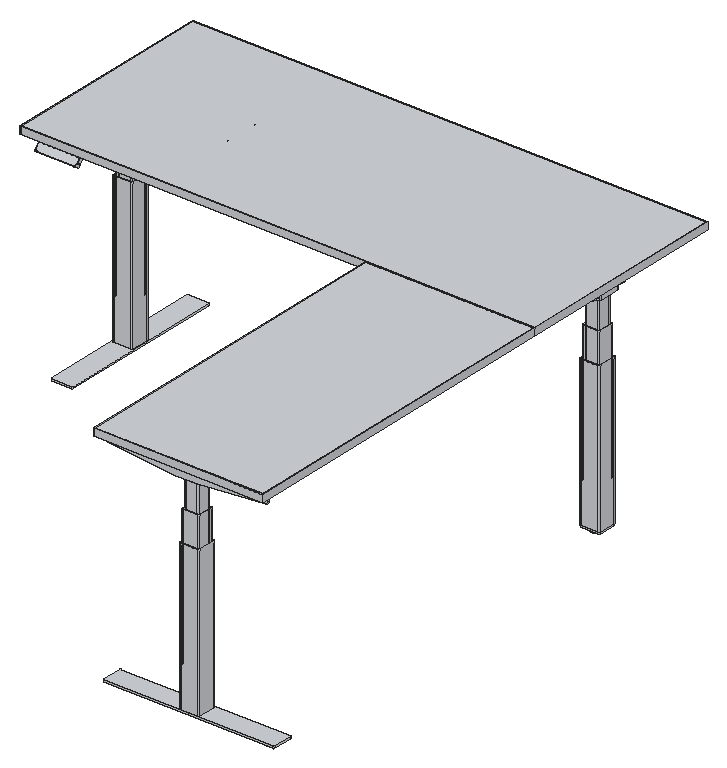
Revit family "72inLoft+Return_RFA", category Furniture, Revit 2015
Parameters (values of type "72.5" x 77.25" X 33"")
  Width = 1962.2 mm
  URL = "http://www.poppin.com"
  Manufacturer = "Poppin, Inc."
  Handset = none
  Length = 1816.1 mm
  Height = 838.2 mm
  Metal Hardware = none
  Glides = none
  Edge Banding = none
  Description = "Loft Adjustable Height 72in Desk + Return"
  Table Top = none
  Copyright = "Copyright © Poppin, Inc."
Reference planes
  plane 1 "Center (Front/Back)": y = 0
  plane 2: z = 0
  plane 3 "Center (Left/Right)": x = 0
Forms (mm)
  Extrusion 1, solid, material <- "Glides"
    sketch origin (0, 0, 0) x (1, 0, 0) y (0, 1, 0)
      loop
        circle (-1419.208, 284.622) r 24.5
      loop
        circle (-1419.208, -245.047) r 24.5
      loop
        circle (-249.989, -1477.806) r 24.5
      loop
        circle (279.68, -1477.806) r 24.5
      loop
        circle (229.776, 19.704) r 24.5
    from 0 to 10
  Extrusion 2, solid, material <- "Metal Hardware"
    sketch origin (0, 0, 0) x (1, 0, 0) y (0, 1, 0)
      loop
        arc (-1454.279, 321.191) -> (-1456.381, 320.32) -> (-1457.252, 318.218) r 2.973
        line (-1457.252, 318.218) -> (-1457.252, -279.16)
        arc (-1457.252, -279.16) -> (-1456.402, -281.21) -> (-1454.352, -282.059) r 2.9
        line (-1454.352, -282.059) -> (-1384.022, -282.059)
        arc (-1384.022, -282.059) -> (-1381.922, -281.19) -> (-1381.052, -279.089) r 2.97
        line (-1381.052, -279.089) -> (-1381.052, 318.268)
        arc (-1381.052, 318.268) -> (-1381.908, 320.334) -> (-1383.975, 321.191) r 2.923
        line (-1383.975, 321.191) -> (-1454.279, 321.191)
      loop
        arc (316.5, -1442.687) -> (315.629, -1440.585) -> (313.527, -1439.714) r 2.973
        line (313.527, -1439.714) -> (-283.851, -1439.714)
        arc (-283.851, -1439.714) -> (-285.901, -1440.563) -> (-286.75, -1442.614) r 2.9
        line (-286.75, -1442.614) -> (-286.75, -1512.944)
        arc (-286.75, -1512.944) -> (-285.88, -1515.044) -> (-283.78, -1515.914) r 2.97
        line (-283.78, -1515.914) -> (313.577, -1515.914)
        arc (313.577, -1515.914) -> (315.644, -1515.058) -> (316.5, -1512.991) r 2.923
        line (316.5, -1512.991) -> (316.5, -1442.687)
      loop
        line (259.498, 53.991) -> (199.998, 53.991)
        arc (199.998, 53.991) -> (196.746, 52.643) -> (195.398, 49.391) r 4.6
        line (195.398, 49.391) -> (195.398, -10.109)
        arc (195.398, -10.109) -> (196.746, -13.362) -> (199.998, -14.709) r 4.6
        line (199.998, -14.709) -> (259.498, -14.709)
        arc (259.498, -14.709) -> (262.751, -13.362) -> (264.098, -10.109) r 4.6
        line (264.098, -10.109) -> (264.098, 49.391)
        arc (264.098, 49.391) -> (262.751, 52.643) -> (259.498, 53.991) r 4.6
    from 9 to 15
  Extrusion 3, solid, material <- "Metal Hardware"
    sketch origin (0, 0, 0) x (1, 0, 0) y (0, 1, 0)
      loop
        line (-1388.777, 54.616) -> (-1449.683, 54.616)
        arc (-1449.683, 54.616) -> (-1452.936, 53.268) -> (-1454.283, 50.016) r 4.6
        line (-1454.283, 50.016) -> (-1454.283, -10.734)
        arc (-1454.283, -10.734) -> (-1452.936, -13.987) -> (-1449.683, -15.334) r 4.6
        line (-1449.683, -15.334) -> (-1388.777, -15.334)
        arc (-1388.777, -15.334) -> (-1385.524, -13.987) -> (-1384.177, -10.734) r 4.6
        line (-1384.177, -10.734) -> (-1384.177, 50.016)
        arc (-1384.177, 50.016) -> (-1385.524, 53.268) -> (-1388.777, 54.616) r 4.6
      loop
        line (-1388.777, 52.616) -> (-1449.683, 52.616)
        arc (-1449.683, 52.616) -> (-1451.521, 51.854) -> (-1452.283, 50.016) r 2.6
        line (-1452.283, 50.016) -> (-1452.283, -10.734)
        arc (-1452.283, -10.734) -> (-1451.521, -12.573) -> (-1449.683, -13.334) r 2.6
        line (-1449.683, -13.334) -> (-1388.777, -13.334)
        arc (-1388.777, -13.334) -> (-1386.938, -12.573) -> (-1386.177, -10.734) r 2.6
        line (-1386.177, -10.734) -> (-1386.177, 50.016)
        arc (-1386.177, 50.016) -> (-1386.938, 51.854) -> (-1388.777, 52.616) r 2.6
      loop
        line (260.201, 54.537) -> (199.295, 54.537)
        arc (199.295, 54.537) -> (196.042, 53.19) -> (194.695, 49.937) r 4.6
        line (194.695, 49.937) -> (194.695, -10.813)
        arc (194.695, -10.813) -> (196.042, -14.065) -> (199.295, -15.413) r 4.6
        line (199.295, -15.413) -> (260.201, -15.413)
        arc (260.201, -15.413) -> (263.454, -14.065) -> (264.801, -10.813) r 4.6
        line (264.801, -10.813) -> (264.801, 49.937)
        arc (264.801, 49.937) -> (263.454, 53.19) -> (260.201, 54.537) r 4.6
      loop
        line (260.201, 52.537) -> (199.295, 52.537)
        arc (199.295, 52.537) -> (197.457, 51.776) -> (196.695, 49.937) r 2.6
        line (196.695, 49.937) -> (196.695, -10.813)
        arc (196.695, -10.813) -> (197.457, -12.651) -> (199.295, -13.413) r 2.6
        line (199.295, -13.413) -> (260.201, -13.413)
        arc (260.201, -13.413) -> (262.04, -12.651) -> (262.801, -10.813) r 2.6
        line (262.801, -10.813) -> (262.801, 49.937)
        arc (262.801, 49.937) -> (262.04, 51.776) -> (260.201, 52.537) r 2.6
      loop
        line (45.356, -1442.939) -> (-15.55, -1442.939)
        arc (-15.55, -1442.939) -> (-18.803, -1444.286) -> (-20.15, -1447.539) r 4.6
        line (-20.15, -1447.539) -> (-20.15, -1508.289)
        arc (-20.15, -1508.289) -> (-18.803, -1511.542) -> (-15.55, -1512.889) r 4.6
        line (-15.55, -1512.889) -> (45.356, -1512.889)
        arc (45.356, -1512.889) -> (48.609, -1511.542) -> (49.956, -1508.289) r 4.6
        line (49.956, -1508.289) -> (49.956, -1447.539)
        arc (49.956, -1447.539) -> (48.609, -1444.286) -> (45.356, -1442.939) r 4.6
      loop
        line (45.356, -1444.939) -> (-15.55, -1444.939)
        arc (-15.55, -1444.939) -> (-17.389, -1445.701) -> (-18.15, -1447.539) r 2.6
        line (-18.15, -1447.539) -> (-18.15, -1508.289)
        arc (-18.15, -1508.289) -> (-17.389, -1510.128) -> (-15.55, -1510.889) r 2.6
        line (-15.55, -1510.889) -> (45.356, -1510.889)
        arc (45.356, -1510.889) -> (47.195, -1510.128) -> (47.956, -1508.289) r 2.6
        line (47.956, -1508.289) -> (47.956, -1447.539)
        arc (47.956, -1447.539) -> (47.195, -1445.701) -> (45.356, -1444.939) r 2.6
    from 15 to 542
  Extrusion 4, solid, material <- "Metal Hardware"
    sketch origin (0, 0, 0) x (1, 0, 0) y (0, 1, 0)
      loop
        arc (-1446.152, 47.641) -> (-1446.859, 47.348) -> (-1447.152, 46.641) r 1
        line (-1447.152, 46.641) -> (-1447.152, -7.359)
        arc (-1447.152, -7.359) -> (-1446.859, -8.067) -> (-1446.152, -8.359) r 1
        line (-1446.152, -8.359) -> (-1392.152, -8.359)
        arc (-1392.152, -8.359) -> (-1391.445, -8.067) -> (-1391.152, -7.359) r 1
        line (-1391.152, -7.359) -> (-1391.152, 46.641)
        arc (-1391.152, 46.641) -> (-1391.445, 47.348) -> (-1392.152, 47.641) r 1
        line (-1392.152, 47.641) -> (-1446.152, 47.641)
      loop
        arc (-1446.152, 49.641) -> (-1448.273, 48.762) -> (-1449.152, 46.641) r 3
        line (-1449.152, 46.641) -> (-1449.152, -7.359)
        arc (-1449.152, -7.359) -> (-1448.273, -9.481) -> (-1446.152, -10.359) r 3
        line (-1446.152, -10.359) -> (-1392.152, -10.359)
        arc (-1392.152, -10.359) -> (-1390.03, -9.481) -> (-1389.152, -7.359) r 3
        line (-1389.152, -7.359) -> (-1389.152, 46.641)
        arc (-1389.152, 46.641) -> (-1390.03, 48.762) -> (-1392.152, 49.641) r 3
        line (-1392.152, 49.641) -> (-1446.152, 49.641)
      loop
        arc (202.826, 47.562) -> (202.119, 47.27) -> (201.826, 46.562) r 1
        line (201.826, 46.562) -> (201.826, -7.438)
        arc (201.826, -7.438) -> (202.119, -8.145) -> (202.826, -8.438) r 1
        line (202.826, -8.438) -> (256.826, -8.438)
        arc (256.826, -8.438) -> (257.534, -8.145) -> (257.826, -7.438) r 1
        line (257.826, -7.438) -> (257.826, 46.562)
        arc (257.826, 46.562) -> (257.534, 47.27) -> (256.826, 47.562) r 1
        line (256.826, 47.562) -> (202.826, 47.562)
      loop
        arc (202.826, 49.562) -> (200.705, 48.684) -> (199.826, 46.562) r 3
        line (199.826, 46.562) -> (199.826, -7.438)
        arc (199.826, -7.438) -> (200.705, -9.559) -> (202.826, -10.438) r 3
        line (202.826, -10.438) -> (256.826, -10.438)
        arc (256.826, -10.438) -> (258.948, -9.559) -> (259.826, -7.438) r 3
        line (259.826, -7.438) -> (259.826, 46.562)
        arc (259.826, 46.562) -> (258.948, 48.684) -> (256.826, 49.562) r 3
        line (256.826, 49.562) -> (202.826, 49.562)
      loop
        arc (-12.019, -1449.914) -> (-12.726, -1450.207) -> (-13.019, -1450.914) r 1
        line (-13.019, -1450.914) -> (-13.019, -1504.914)
        arc (-13.019, -1504.914) -> (-12.726, -1505.621) -> (-12.019, -1505.914) r 1
        line (-12.019, -1505.914) -> (41.981, -1505.914)
        arc (41.981, -1505.914) -> (42.688, -1505.621) -> (42.981, -1504.914) r 1
        line (42.981, -1504.914) -> (42.981, -1450.914)
        arc (42.981, -1450.914) -> (42.688, -1450.207) -> (41.981, -1449.914) r 1
        line (41.981, -1449.914) -> (-12.019, -1449.914)
      loop
        arc (-12.019, -1447.914) -> (-14.14, -1448.793) -> (-15.019, -1450.914) r 3
        line (-15.019, -1450.914) -> (-15.019, -1504.914)
        arc (-15.019, -1504.914) -> (-14.14, -1507.035) -> (-12.019, -1507.914) r 3
        line (-12.019, -1507.914) -> (41.981, -1507.914)
        arc (41.981, -1507.914) -> (44.102, -1507.035) -> (44.981, -1504.914) r 3
        line (44.981, -1504.914) -> (44.981, -1450.914)
        arc (44.981, -1450.914) -> (44.102, -1448.793) -> (41.981, -1447.914) r 3
        line (41.981, -1447.914) -> (-12.019, -1447.914)
    from 157.55 to 647.55
  Extrusion 5, solid, material <- "Metal Hardware"
    sketch origin (0, 0, 0) x (1, 0, 0) y (0, 1, 0)
      loop
        line (-1399.152, 44.641) -> (-1439.152, 44.641)
        arc (-1439.152, 44.641) -> (-1442.687, 43.176) -> (-1444.152, 39.641) r 5
        line (-1444.152, 39.641) -> (-1444.152, -0.359)
        arc (-1444.152, -0.359) -> (-1442.687, -3.895) -> (-1439.152, -5.359) r 5
        line (-1439.152, -5.359) -> (-1399.152, -5.359)
        arc (-1399.152, -5.359) -> (-1395.616, -3.895) -> (-1394.152, -0.359) r 5
        line (-1394.152, -0.359) -> (-1394.152, 39.641)
        arc (-1394.152, 39.641) -> (-1395.616, 43.176) -> (-1399.152, 44.641) r 5
      loop
        line (-1399.152, 42.641) -> (-1439.152, 42.641)
        arc (-1439.152, 42.641) -> (-1441.273, 41.762) -> (-1442.152, 39.641) r 3
        line (-1442.152, 39.641) -> (-1442.152, -0.359)
        arc (-1442.152, -0.359) -> (-1441.273, -2.481) -> (-1439.152, -3.359) r 3
        line (-1439.152, -3.359) -> (-1399.152, -3.359)
        arc (-1399.152, -3.359) -> (-1397.03, -2.481) -> (-1396.152, -0.359) r 3
        line (-1396.152, -0.359) -> (-1396.152, 39.641)
        arc (-1396.152, 39.641) -> (-1397.03, 41.762) -> (-1399.152, 42.641) r 3
      loop
        line (249.826, 44.562) -> (209.826, 44.562)
        arc (209.826, 44.562) -> (206.291, 43.098) -> (204.826, 39.562) r 5
        line (204.826, 39.562) -> (204.826, -0.438)
        arc (204.826, -0.438) -> (206.291, -3.973) -> (209.826, -5.438) r 5
        line (209.826, -5.438) -> (249.826, -5.438)
        arc (249.826, -5.438) -> (253.362, -3.973) -> (254.826, -0.438) r 5
        line (254.826, -0.438) -> (254.826, 39.562)
        arc (254.826, 39.562) -> (253.362, 43.098) -> (249.826, 44.562) r 5
      loop
        line (249.826, 42.562) -> (209.826, 42.562)
        arc (209.826, 42.562) -> (207.705, 41.684) -> (206.826, 39.562) r 3
        line (206.826, 39.562) -> (206.826, -0.438)
        arc (206.826, -0.438) -> (207.705, -2.559) -> (209.826, -3.438) r 3
        line (209.826, -3.438) -> (249.826, -3.438)
        arc (249.826, -3.438) -> (251.948, -2.559) -> (252.826, -0.438) r 3
        line (252.826, -0.438) -> (252.826, 39.562)
        arc (252.826, 39.562) -> (251.948, 41.684) -> (249.826, 42.562) r 3
      loop
        line (34.981, -1452.914) -> (-5.019, -1452.914)
        arc (-5.019, -1452.914) -> (-8.554, -1454.379) -> (-10.019, -1457.914) r 5
        line (-10.019, -1457.914) -> (-10.019, -1497.914)
        arc (-10.019, -1497.914) -> (-8.554, -1501.45) -> (-5.019, -1502.914) r 5
        line (-5.019, -1502.914) -> (34.981, -1502.914)
        arc (34.981, -1502.914) -> (38.517, -1501.45) -> (39.981, -1497.914) r 5
        line (39.981, -1497.914) -> (39.981, -1457.914)
        arc (39.981, -1457.914) -> (38.517, -1454.379) -> (34.981, -1452.914) r 5
      loop
        line (34.981, -1454.914) -> (-5.019, -1454.914)
        arc (-5.019, -1454.914) -> (-7.14, -1455.793) -> (-8.019, -1457.914) r 3
        line (-8.019, -1457.914) -> (-8.019, -1497.914)
        arc (-8.019, -1497.914) -> (-7.14, -1500.035) -> (-5.019, -1500.914) r 3
        line (-5.019, -1500.914) -> (34.981, -1500.914)
        arc (34.981, -1500.914) -> (37.102, -1500.035) -> (37.981, -1497.914) r 3
        line (37.981, -1497.914) -> (37.981, -1457.914)
        arc (37.981, -1457.914) -> (37.102, -1455.793) -> (34.981, -1454.914) r 3
    from 279.45 to 754.95
  Extrusion 6, solid, material <- "Table Top"
    sketch origin (0, 0, 0) x (1, 0, 0) y (0, 1, 0)
      loop
        line (312.348, -362.364) -> (-282.552, -362.364) -> (-282.552, -1560.514) -> (312.348, -1560.514) -> (312.348, -362.364)
      loop
        line (312.348, 399.636) -> (-1501.752, 399.636) -> (-1501.752, -360.364) -> (312.348, -360.364) -> (312.348, 399.636)
    from 805.95 to 831.35
  Sweep 7, solid, material <- "Edge Banding"
    path in 3D
      loop
        line (-282.552, -1560.514, 831.35) -> (312.348, -1560.514, 831.35) -> (312.348, -362.364, 831.35) -> (-282.552, -362.364, 831.35) -> (-282.552, -1560.514, 831.35)
    profile origin (-282.552, -961.439, 831.35) x (1, 0, 0) y (0, 0, 1)
      loop
        line (0, 0) -> (-1, 0) -> (-1, -25.4) -> (0, -25.4) -> (0, 0)
  Sweep 8, solid, material <- "Edge Banding"
    path in 3D
      loop
        line (312.348, -360.364, 831.35) -> (312.348, 399.636, 831.35) -> (-1501.752, 399.636, 831.35) -> (-1501.752, -360.364, 831.35) -> (312.348, -360.364, 831.35)
    profile origin (-594.702, -360.364, 831.35) x (0, 1, 0) y (0, 0, 1)
      loop
        line (0, 0) -> (-1, 0) -> (-1, -25.4) -> (0, -25.4) -> (0, 0)
  Extrusion 9, solid, material <- "Metal Hardware"
    sketch origin (0, 0, 0) x (1, 0, 0) y (0, 1, 0)
      loop
        line (-1272.152, 21.529) -> (-1272.152, 55.569)
        arc (-1272.152, 55.569) -> (-1272.532, 57.483) -> (-1273.616, 59.105) r 5
        line (-1273.616, 59.105) -> (-1280.687, 66.176)
        arc (-1280.687, 66.176) -> (-1282.309, 67.26) -> (-1284.223, 67.641) r 5
        line (-1284.223, 67.641) -> (-1450.081, 67.641)
        arc (-1450.081, 67.641) -> (-1451.994, 67.26) -> (-1453.616, 66.176) r 5
        line (-1453.616, 66.176) -> (-1460.687, 59.105)
        arc (-1460.687, 59.105) -> (-1461.771, 57.483) -> (-1462.152, 55.569) r 5
        line (-1462.152, 55.569) -> (-1462.152, -16.288)
        arc (-1462.152, -16.288) -> (-1461.771, -18.202) -> (-1460.687, -19.824) r 5
        line (-1460.687, -19.824) -> (-1453.616, -26.895)
        arc (-1453.616, -26.895) -> (-1451.994, -27.979) -> (-1450.081, -28.359) r 5
        line (-1450.081, -28.359) -> (-1284.223, -28.359)
        arc (-1284.223, -28.359) -> (-1282.309, -27.979) -> (-1280.687, -26.895) r 5
        line (-1280.687, -26.895) -> (-1273.616, -19.824)
        arc (-1273.616, -19.824) -> (-1272.532, -18.202) -> (-1272.152, -16.288) r 5
        line (-1272.152, -16.288) -> (-1272.152, 21.529)
      loop
        line (91.284, 66.176) -> (84.213, 59.105)
        arc (84.213, 59.105) -> (83.129, 57.483) -> (82.748, 55.569) r 5
        line (82.748, 55.569) -> (82.748, 19.641) -> (82.748, -16.288)
        arc (82.748, -16.288) -> (83.129, -18.202) -> (84.213, -19.824) r 5
        line (84.213, -19.824) -> (91.284, -26.895)
        arc (91.284, -26.895) -> (92.906, -27.979) -> (94.819, -28.359) r 5
        line (94.819, -28.359) -> (260.677, -28.359)
        arc (260.677, -28.359) -> (262.591, -27.979) -> (264.213, -26.895) r 5
        line (264.213, -26.895) -> (271.284, -19.824)
        arc (271.284, -19.824) -> (272.368, -18.202) -> (272.748, -16.288) r 5
        line (272.748, -16.288) -> (272.748, 55.569)
        arc (272.748, 55.569) -> (272.368, 57.483) -> (271.284, 59.105) r 5
        line (271.284, 59.105) -> (264.213, 66.176)
        arc (264.213, 66.176) -> (262.591, 67.26) -> (260.677, 67.641) r 5
        line (260.677, 67.641) -> (94.819, 67.641)
        arc (94.819, 67.641) -> (92.906, 67.26) -> (91.284, 66.176) r 5
      loop
        line (50.832, -1330.914) -> (15.485, -1330.914) -> (-21.026, -1330.914)
        arc (-21.026, -1330.914) -> (-22.939, -1331.295) -> (-24.561, -1332.379) r 5
        line (-24.561, -1332.379) -> (-31.633, -1339.45)
        arc (-31.633, -1339.45) -> (-32.716, -1341.072) -> (-33.097, -1342.985) r 5
        line (-33.097, -1342.985) -> (-33.097, -1508.843)
        arc (-33.097, -1508.843) -> (-32.716, -1510.757) -> (-31.633, -1512.379) r 5
        line (-31.633, -1512.379) -> (-24.561, -1519.45)
        arc (-24.561, -1519.45) -> (-22.939, -1520.534) -> (-21.026, -1520.914) r 5
        line (-21.026, -1520.914) -> (50.832, -1520.914)
        arc (50.832, -1520.914) -> (52.745, -1520.534) -> (54.367, -1519.45) r 5
        line (54.367, -1519.45) -> (61.439, -1512.379)
        arc (61.439, -1512.379) -> (62.522, -1510.757) -> (62.903, -1508.843) r 5
        line (62.903, -1508.843) -> (62.903, -1342.985)
        arc (62.903, -1342.985) -> (62.522, -1341.072) -> (61.439, -1339.45) r 5
        line (61.439, -1339.45) -> (54.367, -1332.379)
        arc (54.367, -1332.379) -> (52.745, -1331.295) -> (50.832, -1330.914) r 5
    from 754.95 to 805.95
  Extrusion 10, solid, material <- "Metal Hardware"
    sketch origin (0, 0, 0) x (0, 1, 0) y (0, 0, 1)
      loop
        line (-17.555, 754.968) -> (56.827, 754.968) -> (298.094, 778.2)
        arc (298.094, 778.2) -> (304.538, 781.43) -> (307.136, 788.154) r 10
        line (307.136, 788.154) -> (307.136, 805.95) -> (-267.864, 805.95) -> (-267.864, 788.154)
        arc (-267.864, 788.154) -> (-265.266, 781.43) -> (-258.823, 778.2) r 10
        line (-258.823, 778.2) -> (-17.555, 754.968)
    from -1464.652 to -1427.652
  Extrusion 11, void
    sketch origin (0, -267.864, 788.154) x (0, 0, -1) y (-1, 0, 0)
      loop
        line (-15.296, 1462.152) -> (-15.296, 1424.652) -> (47.07, 1424.652) -> (47.07, 1462.152) -> (-15.296, 1462.152)
    from 0 to 632.436
  Extrusion 12, solid, material <- "Metal Hardware", not visible
    sketch origin (0, 0, 0) x (0, 1, 0) y (0, 0, 1)
      loop
        line (-17.555, 754.968) -> (56.827, 754.968) -> (298.094, 778.2)
        arc (298.094, 778.2) -> (304.538, 781.43) -> (307.136, 788.154) r 10
        line (307.136, 788.154) -> (307.136, 805.95) -> (-267.864, 805.95) -> (-267.864, 788.154)
        arc (-267.864, 788.154) -> (-265.266, 781.43) -> (-258.823, 778.2) r 10
        line (-258.823, 778.2) -> (-17.555, 754.968)
    from -1464.652 to -1427.652
  Extrusion 13, void, not visible
    sketch origin (0, -267.864, 788.154) x (0, 0, -1) y (-1, 0, 0)
      loop
        line (-15.296, 1462.152) -> (-15.296, 1424.652) -> (47.07, 1424.652) -> (47.07, 1462.152) -> (-15.296, 1462.152)
    from 0 to 632.436
  Extrusion 14, solid
    sketch origin (34.534, -58.762, 0) x (-1, 0, 0) y (0, 0, 1)
      loop
        line (-17.555, 754.968) -> (56.827, 754.968) -> (298.094, 778.2)
        arc (298.094, 778.2) -> (304.538, 781.43) -> (307.136, 788.154) r 10
        line (307.136, 788.154) -> (307.136, 805.95) -> (-267.864, 805.95) -> (-267.864, 788.154)
        arc (-267.864, 788.154) -> (-265.266, 781.43) -> (-258.823, 778.2) r 10
        line (-258.823, 778.2) -> (-17.555, 754.968)
    from -1464.652 to -1427.652
  Extrusion 15, void
    sketch origin (302.398, -58.762, 788.154) x (0, 0, -1) y (0, -1, 0)
      loop
        line (-15.296, 1462.152) -> (-15.296, 1424.652) -> (47.07, 1424.652) -> (47.07, 1462.152) -> (-15.296, 1462.152)
    from 0 to 575
  Extrusion 16, solid, material <- "Metal Hardware"
    sketch origin (-283.552, -1561.514, 805.95) x (1, 0, 0) y (0, 0, 1)
      loop
        line (229.95, -1) -> (229.95, -39)
        arc (229.95, -39) -> (230.243, -39.707) -> (230.95, -40) r 1
        line (230.95, -40) -> (248.95, -40)
        arc (248.95, -40) -> (249.657, -39.707) -> (249.95, -39) r 1
        line (249.95, -39) -> (249.95, -1)
        arc (249.95, -1) -> (249.657, -0.293) -> (248.95, 0) r 1
        line (248.95, 0) -> (230.95, 0)
        arc (230.95, 0) -> (230.243, -0.293) -> (229.95, -1) r 1
      loop
        line (247.95, -2) -> (231.95, -2) -> (231.95, -38) -> (247.95, -38) -> (247.95, -2)
      loop
        line (346.95, -1) -> (346.95, -39)
        arc (346.95, -39) -> (347.243, -39.707) -> (347.95, -40) r 1
        line (347.95, -40) -> (365.95, -40)
        arc (365.95, -40) -> (366.657, -39.707) -> (366.95, -39) r 1
        line (366.95, -39) -> (366.95, -1)
        arc (366.95, -1) -> (366.657, -0.293) -> (365.95, 0) r 1
        line (365.95, 0) -> (347.95, 0)
        arc (347.95, 0) -> (347.243, -0.293) -> (346.95, -1) r 1
      loop
        line (364.95, -2) -> (348.95, -2) -> (348.95, -38) -> (364.95, -38) -> (364.95, -2)
    from -540.6 to -40.6
  Extrusion 17, solid, material <- "Metal Hardware"
    sketch origin (-283.552, -1520.914, 805.95) x (1, 0, 0) y (0, 0, 1)
      loop
        line (234.45, -31.5) -> (244.45, -31.5)
        arc (244.45, -31.5) -> (246.218, -30.768) -> (246.95, -29) r 2.5
        line (246.95, -29) -> (246.95, -4)
        arc (246.95, -4) -> (246.218, -2.232) -> (244.45, -1.5) r 2.5
        line (244.45, -1.5) -> (234.45, -1.5)
        arc (234.45, -1.5) -> (232.682, -2.232) -> (231.95, -4) r 2.5
        line (231.95, -4) -> (231.95, -29)
        arc (231.95, -29) -> (232.682, -30.768) -> (234.45, -31.5) r 2.5
      loop
        arc (244.45, -30) -> (245.157, -29.707) -> (245.45, -29) r 1
        line (245.45, -29) -> (245.45, -4)
        arc (245.45, -4) -> (245.157, -3.293) -> (244.45, -3) r 1
        line (244.45, -3) -> (234.45, -3)
        arc (234.45, -3) -> (233.743, -3.293) -> (233.45, -4) r 1
        line (233.45, -4) -> (233.45, -29)
        arc (233.45, -29) -> (233.743, -29.707) -> (234.45, -30) r 1
        line (234.45, -30) -> (244.45, -30)
      loop
        line (352.45, -31.5) -> (362.45, -31.5)
        arc (362.45, -31.5) -> (364.218, -30.768) -> (364.95, -29) r 2.5
        line (364.95, -29) -> (364.95, -4)
        arc (364.95, -4) -> (364.218, -2.232) -> (362.45, -1.5) r 2.5
        line (362.45, -1.5) -> (352.45, -1.5)
        arc (352.45, -1.5) -> (350.682, -2.232) -> (349.95, -4) r 2.5
        line (349.95, -4) -> (349.95, -29)
        arc (349.95, -29) -> (350.682, -30.768) -> (352.45, -31.5) r 2.5
      loop
        arc (362.45, -30) -> (363.157, -29.707) -> (363.45, -29) r 1
        line (363.45, -29) -> (363.45, -4)
        arc (363.45, -4) -> (363.157, -3.293) -> (362.45, -3) r 1
        line (362.45, -3) -> (352.45, -3)
        arc (352.45, -3) -> (351.743, -3.293) -> (351.45, -4) r 1
        line (351.45, -4) -> (351.45, -29)
        arc (351.45, -29) -> (351.743, -29.707) -> (352.45, -30) r 1
        line (352.45, -30) -> (362.45, -30)
    from -1196.8 to -296.8
  Extrusion 18, solid, material <- "Metal Hardware"
    sketch origin (-283.552, -921.514, 805.95) x (1, 0, 0) y (0, 0, 1)
      loop
        line (229.95, -1) -> (229.95, -39)
        arc (229.95, -39) -> (230.243, -39.707) -> (230.95, -40) r 1
        line (230.95, -40) -> (248.95, -40)
        arc (248.95, -40) -> (249.657, -39.707) -> (249.95, -39) r 1
        line (249.95, -39) -> (249.95, -1)
        arc (249.95, -1) -> (249.657, -0.293) -> (248.95, 0) r 1
        line (248.95, 0) -> (230.95, 0)
        arc (230.95, 0) -> (230.243, -0.293) -> (229.95, -1) r 1
      loop
        line (247.95, -2) -> (231.95, -2) -> (231.95, -38) -> (247.95, -38) -> (247.95, -2)
      loop
        line (346.95, -1) -> (346.95, -39)
        arc (346.95, -39) -> (347.243, -39.707) -> (347.95, -40) r 1
        line (347.95, -40) -> (365.95, -40)
        arc (365.95, -40) -> (366.657, -39.707) -> (366.95, -39) r 1
        line (366.95, -39) -> (366.95, -1)
        arc (366.95, -1) -> (366.657, -0.293) -> (365.95, 0) r 1
        line (365.95, 0) -> (347.95, 0)
        arc (347.95, 0) -> (347.243, -0.293) -> (346.95, -1) r 1
      loop
        line (364.95, -2) -> (348.95, -2) -> (348.95, -38) -> (364.95, -38) -> (364.95, -2)
    from -867.65 to -367.65
  Extrusion 19, solid, material <- "Metal Hardware"
    sketch origin (-407.502, -278.807, 805.95) x (0, 1, 0) y (0, 0, 1)
      loop
        line (229.95, -1) -> (229.95, -39)
        arc (229.95, -39) -> (230.243, -39.707) -> (230.95, -40) r 1
        line (230.95, -40) -> (248.95, -40)
        arc (248.95, -40) -> (249.657, -39.707) -> (249.95, -39) r 1
        line (249.95, -39) -> (249.95, -1)
        arc (249.95, -1) -> (249.657, -0.293) -> (248.95, 0) r 1
        line (248.95, 0) -> (230.95, 0)
        arc (230.95, 0) -> (230.243, -0.293) -> (229.95, -1) r 1
      loop
        line (247.95, -2) -> (231.95, -2) -> (231.95, -38) -> (247.95, -38) -> (247.95, -2)
      loop
        line (346.95, -1) -> (346.95, -39)
        arc (346.95, -39) -> (347.243, -39.707) -> (347.95, -40) r 1
        line (347.95, -40) -> (365.95, -40)
        arc (365.95, -40) -> (366.657, -39.707) -> (366.95, -39) r 1
        line (366.95, -39) -> (366.95, -1)
        arc (366.95, -1) -> (366.657, -0.293) -> (365.95, 0) r 1
        line (365.95, 0) -> (347.95, 0)
        arc (347.95, 0) -> (347.243, -0.293) -> (346.95, -1) r 1
      loop
        line (364.95, -2) -> (348.95, -2) -> (348.95, -38) -> (364.95, -38) -> (364.95, -2)
    from -1054.65 to -554.65
  Extrusion 20, solid, material <- "Metal Hardware"
    sketch origin (332.498, -278.807, 805.95) x (0, 1, 0) y (0, 0, 1)
      loop
        line (229.95, -1) -> (229.95, -39)
        arc (229.95, -39) -> (230.243, -39.707) -> (230.95, -40) r 1
        line (230.95, -40) -> (248.95, -40)
        arc (248.95, -40) -> (249.657, -39.707) -> (249.95, -39) r 1
        line (249.95, -39) -> (249.95, -1)
        arc (249.95, -1) -> (249.657, -0.293) -> (248.95, 0) r 1
        line (248.95, 0) -> (230.95, 0)
        arc (230.95, 0) -> (230.243, -0.293) -> (229.95, -1) r 1
      loop
        line (247.95, -2) -> (231.95, -2) -> (231.95, -38) -> (247.95, -38) -> (247.95, -2)
      loop
        line (346.95, -1) -> (346.95, -39)
        arc (346.95, -39) -> (347.243, -39.707) -> (347.95, -40) r 1
        line (347.95, -40) -> (365.95, -40)
        arc (365.95, -40) -> (366.657, -39.707) -> (366.95, -39) r 1
        line (366.95, -39) -> (366.95, -1)
        arc (366.95, -1) -> (366.657, -0.293) -> (365.95, 0) r 1
        line (365.95, 0) -> (347.95, 0)
        arc (347.95, 0) -> (347.243, -0.293) -> (346.95, -1) r 1
      loop
        line (364.95, -2) -> (348.95, -2) -> (348.95, -38) -> (364.95, -38) -> (364.95, -2)
    from -559.75 to -59.75
  Extrusion 21, solid, material <- "Metal Hardware"
    sketch origin (136.8, -278.825, 805.95) x (0, 1, 0) y (0, 0, 1)
      loop
        line (234.45, -31.5) -> (244.45, -31.5)
        arc (244.45, -31.5) -> (246.218, -30.768) -> (246.95, -29) r 2.5
        line (246.95, -29) -> (246.95, -4)
        arc (246.95, -4) -> (246.218, -2.232) -> (244.45, -1.5) r 2.5
        line (244.45, -1.5) -> (234.45, -1.5)
        arc (234.45, -1.5) -> (232.682, -2.232) -> (231.95, -4) r 2.5
        line (231.95, -4) -> (231.95, -29)
        arc (231.95, -29) -> (232.682, -30.768) -> (234.45, -31.5) r 2.5
      loop
        arc (244.45, -30) -> (245.157, -29.707) -> (245.45, -29) r 1
        line (245.45, -29) -> (245.45, -4)
        arc (245.45, -4) -> (245.157, -3.293) -> (244.45, -3) r 1
        line (244.45, -3) -> (234.45, -3)
        arc (234.45, -3) -> (233.743, -3.293) -> (233.45, -4) r 1
        line (233.45, -4) -> (233.45, -29)
        arc (233.45, -29) -> (233.743, -29.707) -> (234.45, -30) r 1
        line (234.45, -30) -> (244.45, -30)
      loop
        line (352.45, -31.5) -> (362.45, -31.5)
        arc (362.45, -31.5) -> (364.218, -30.768) -> (364.95, -29) r 2.5
        line (364.95, -29) -> (364.95, -4)
        arc (364.95, -4) -> (364.218, -2.232) -> (362.45, -1.5) r 2.5
        line (362.45, -1.5) -> (352.45, -1.5)
        arc (352.45, -1.5) -> (350.682, -2.232) -> (349.95, -4) r 2.5
        line (349.95, -4) -> (349.95, -29)
        arc (349.95, -29) -> (350.682, -30.768) -> (352.45, -31.5) r 2.5
      loop
        arc (362.45, -30) -> (363.157, -29.707) -> (363.45, -29) r 1
        line (363.45, -29) -> (363.45, -4)
        arc (363.45, -4) -> (363.157, -3.293) -> (362.45, -3) r 1
        line (362.45, -3) -> (352.45, -3)
        arc (352.45, -3) -> (351.743, -3.293) -> (351.45, -4) r 1
        line (351.45, -4) -> (351.45, -29)
        arc (351.45, -29) -> (351.743, -29.707) -> (352.45, -30) r 1
        line (352.45, -30) -> (362.45, -30)
    from -1175.152 to -275.152
  Extrusion 22, solid, material <- "Metal Hardware"
    sketch origin (-283.552, -1561.514, 805.95) x (1, 0, 0) y (0, 0, 1)
      loop
        line (254.95, -3) -> (341.95, -3)
        arc (341.95, -3) -> (343.364, -3.586) -> (343.95, -5) r 2
        line (343.95, -5) -> (343.95, -13.3) -> (346.95, -13.3) -> (346.95, -5)
        arc (346.95, -5) -> (345.486, -1.464) -> (341.95, 0) r 5
        line (341.95, 0) -> (254.95, 0)
        arc (254.95, 0) -> (251.414, -1.464) -> (249.95, -5) r 5
        line (249.95, -5) -> (249.95, -13.05) -> (252.95, -13.05) -> (252.95, -5)
        arc (252.95, -5) -> (253.536, -3.586) -> (254.95, -3) r 2
    from -296.6 to -271.6
  Extrusion 23, solid, material <- "Metal Hardware"
    sketch origin (-283.552, -1317.514, 805.95) x (1, 0, 0) y (0, 0, 1)
      loop
        line (254.95, -3) -> (341.95, -3)
        arc (341.95, -3) -> (343.364, -3.586) -> (343.95, -5) r 2
        line (343.95, -5) -> (343.95, -13.3) -> (346.95, -13.3) -> (346.95, -5)
        arc (346.95, -5) -> (345.486, -1.464) -> (341.95, 0) r 5
        line (341.95, 0) -> (254.95, 0)
        arc (254.95, 0) -> (251.414, -1.464) -> (249.95, -5) r 5
        line (249.95, -5) -> (249.95, -13.05) -> (252.95, -13.05) -> (252.95, -5)
        arc (252.95, -5) -> (253.536, -3.586) -> (254.95, -3) r 2
    from -296.6 to -271.6
  Extrusion 24, solid, material <- "Metal Hardware"
    sketch origin (-283.552, -677.453, 805.95) x (1, 0, 0) y (0, 0, 1)
      loop
        line (254.95, -3) -> (341.95, -3)
        arc (341.95, -3) -> (343.364, -3.586) -> (343.95, -5) r 2
        line (343.95, -5) -> (343.95, -13.3) -> (346.95, -13.3) -> (346.95, -5)
        arc (346.95, -5) -> (345.486, -1.464) -> (341.95, 0) r 5
        line (341.95, 0) -> (254.95, 0)
        arc (254.95, 0) -> (251.414, -1.464) -> (249.95, -5) r 5
        line (249.95, -5) -> (249.95, -13.05) -> (252.95, -13.05) -> (252.95, -5)
        arc (252.95, -5) -> (253.536, -3.586) -> (254.95, -3) r 2
    from -296.6 to -271.6
  Extrusion 25, solid, material <- "Metal Hardware"
    sketch origin (0, 0, 0) x (1, 0, 0) y (0, 1, 0)
      loop
        line (-207.752, -402.364) -> (-207.752, -294.064)
        arc (-207.752, -294.064) -> (-208.63, -291.943) -> (-210.752, -291.064) r 3
        line (-210.752, -291.064) -> (-230.152, -291.064)
        arc (-230.152, -291.064) -> (-232.273, -291.943) -> (-233.152, -294.064) r 3
        line (-233.152, -294.064) -> (-233.152, -402.364)
        arc (-233.152, -402.364) -> (-232.273, -404.485) -> (-230.152, -405.364) r 3
        line (-230.152, -405.364) -> (-210.752, -405.364)
        arc (-210.752, -405.364) -> (-208.63, -404.485) -> (-207.752, -402.364) r 3
      loop
        line (237.548, -294.064) -> (237.548, -402.364)
        arc (237.548, -402.364) -> (238.427, -404.485) -> (240.548, -405.364) r 3
        line (240.548, -405.364) -> (259.948, -405.364)
        arc (259.948, -405.364) -> (262.07, -404.485) -> (262.948, -402.364) r 3
        line (262.948, -402.364) -> (262.948, -294.064)
        arc (262.948, -294.064) -> (262.07, -291.943) -> (259.948, -291.064) r 3
        line (259.948, -291.064) -> (240.548, -291.064)
        arc (240.548, -291.064) -> (238.427, -291.943) -> (237.548, -294.064) r 3
    from 803.45 to 805.95
  Extrusion 26, solid, material <- "Metal Hardware"
    sketch origin (-283.552, -825.464, 805.95) x (1, 0, 0) y (0, 0, 1)
      loop
        arc (343.95, -11.5) -> (346.071, -10.621) -> (346.95, -8.5) r 3
        line (346.95, -8.5) -> (346.95, 0.5) -> (344.45, 0.5) -> (344.45, -8)
        arc (344.45, -8) -> (344.157, -8.707) -> (343.45, -9) r 1
        line (343.45, -9) -> (253.45, -9)
        arc (253.45, -9) -> (252.743, -8.707) -> (252.45, -8) r 1
        line (252.45, -8) -> (252.45, 0.5) -> (249.95, 0.5) -> (249.95, -8.5)
        arc (249.95, -8.5) -> (250.829, -10.621) -> (252.95, -11.5) r 3
        line (252.95, -11.5) -> (343.95, -11.5)
    from -341.6 to -271.6
  Extrusion 27, void
    sketch origin (58.398, -825.464, 805.95) x (0, -1, 0) y (-1, 0, 0)
      loop
        line (-313.614, 69.5) -> (-276.6, 69.5) -> (-271.6, 67.5) -> (-271.6, 19.5) -> (-276.6, 17.5) -> (-313.614, 17.5)
        arc (-313.614, 17.5) -> (-317.31, 15.031) -> (-316.443, 10.672) r 4
        arc (-316.443, 10.672) -> (-315.145, 9.804) -> (-313.614, 9.5) r 4
        line (-313.614, 9.5) -> (-274.6, 9.5)
        arc (-274.6, 9.5) -> (-272.479, 8.621) -> (-271.6, 6.5) r 3
        line (-271.6, 6.5) -> (-261.6, 6.5) -> (-261.6, 80.5) -> (-271.6, 80.5)
        arc (-271.6, 80.5) -> (-272.479, 78.379) -> (-274.6, 77.5) r 3
        line (-274.6, 77.5) -> (-313.614, 77.5)
        arc (-313.614, 77.5) -> (-317.31, 75.031) -> (-316.443, 70.672) r 4
        arc (-316.443, 70.672) -> (-315.145, 69.804) -> (-313.614, 69.5) r 4
    from 0 to 15.51
  Extrusion 28, solid, material <- "Metal Hardware"
    sketch origin (-443.852, 318.086, 805.95) x (0, -1, 0) y (0, 0, 1)
      loop
        arc (343.95, -11.5) -> (346.071, -10.621) -> (346.95, -8.5) r 3
        line (346.95, -8.5) -> (346.95, 0.5) -> (344.45, 0.5) -> (344.45, -8)
        arc (344.45, -8) -> (344.157, -8.707) -> (343.45, -9) r 1
        line (343.45, -9) -> (253.45, -9)
        arc (253.45, -9) -> (252.743, -8.707) -> (252.45, -8) r 1
        line (252.45, -8) -> (252.45, 0.5) -> (249.95, 0.5) -> (249.95, -8.5)
        arc (249.95, -8.5) -> (250.829, -10.621) -> (252.95, -11.5) r 3
        line (252.95, -11.5) -> (343.95, -11.5)
    from -341.6 to -271.6
  Extrusion 29, void
    sketch origin (-443.852, -23.864, 805.95) x (-1, 0, 0) y (0, 1, 0)
      loop
        line (-313.614, 69.5) -> (-276.6, 69.5) -> (-271.6, 67.5) -> (-271.6, 19.5) -> (-276.6, 17.5) -> (-313.614, 17.5)
        arc (-313.614, 17.5) -> (-317.31, 15.031) -> (-316.443, 10.672) r 4
        arc (-316.443, 10.672) -> (-315.145, 9.804) -> (-313.614, 9.5) r 4
        line (-313.614, 9.5) -> (-274.6, 9.5)
        arc (-274.6, 9.5) -> (-272.479, 8.621) -> (-271.6, 6.5) r 3
        line (-271.6, 6.5) -> (-261.6, 6.5) -> (-261.6, 80.5) -> (-271.6, 80.5)
        arc (-271.6, 80.5) -> (-272.479, 78.379) -> (-274.6, 77.5) r 3
        line (-274.6, 77.5) -> (-313.614, 77.5)
        arc (-313.614, 77.5) -> (-317.31, 75.031) -> (-316.443, 70.672) r 4
        arc (-316.443, 70.672) -> (-315.145, 69.804) -> (-313.614, 69.5) r 4
    from 0 to 15.51
  Extrusion 30, solid, material <- "Handset"
    sketch origin (-1502.752, 400.636, 805.95) x (0, -1, 0) y (0, 0, 1)
      loop
        line (740.419, 0) -> (706.25, 0) -> (706.25, -7) -> (708.25, -7)
        arc (708.25, -7) -> (727.22, -10.174) -> (744.125, -19.349) r 58.283
        arc (744.125, -19.349) -> (749.268, -21.417) -> (754.722, -20.427) r 10
        line (754.722, -20.427) -> (740.419, 0)
    from -107.25 to -93.25
  Extrusion 31, void
    sketch origin (-1502.752, 400.636, 805.95) x (0, 1, 0) y (0, 0, 1)
      loop
        line (-741.469, -1.5) -> (-754.722, -20.427)
        arc (-754.722, -20.427) -> (-749.268, -21.417) -> (-744.125, -19.349) r 10
        arc (-744.125, -19.349) -> (-727.22, -10.174) -> (-708.25, -7) r 58.283
        line (-708.25, -7) -> (-706.25, -7) -> (-706.25, -1.5) -> (-741.469, -1.5)
    from 94.75 to 105.75
  Extrusion 32, solid, material <- "Handset"
    sketch origin (-1430.252, 400.636, 805.95) x (0, -1, 0) y (0, 0, 1)
      loop
        line (740.419, 0) -> (706.25, 0) -> (706.25, -7) -> (708.25, -7)
        arc (708.25, -7) -> (727.22, -10.174) -> (744.125, -19.349) r 58.283
        arc (744.125, -19.349) -> (749.268, -21.417) -> (754.722, -20.427) r 10
        line (754.722, -20.427) -> (740.419, 0)
    from -107.25 to -93.25
  Extrusion 33, void
    sketch origin (-1430.252, 400.636, 805.95) x (0, 1, 0) y (0, 0, 1)
      loop
        line (-741.469, -1.5) -> (-754.722, -20.427)
        arc (-754.722, -20.427) -> (-749.268, -21.417) -> (-744.125, -19.349) r 10
        arc (-744.125, -19.349) -> (-727.22, -10.174) -> (-708.25, -7) r 58.283
        line (-708.25, -7) -> (-706.25, -7) -> (-706.25, -1.5) -> (-741.469, -1.5)
    from 94.75 to 105.75
  Extrusion 34, solid, material <- "Handset"
    sketch origin (-1502.752, 400.636, 805.95) x (0, -1, 0) y (0, 0, 1)
      loop
        line (742.25, 0) -> (706.25, 0) -> (706.25, -1.5) -> (741.469, -1.5) -> (754.722, -20.427) -> (756.016, -19.66) -> (742.25, 0)
    from -179.25 to -93.25
  Extrusion 35, solid, material <- "Handset"
    sketch origin (-1502.752, 400.636, 805.95) x (0, -1, 0) y (0, 0, 1)
      loop
        line (776.898, -23.331) -> (761.135, -0.819)
        arc (761.135, -0.819) -> (760.449, -0.217) -> (759.562, 0) r 1.92
        line (759.562, 0) -> (744.154, 0)
        arc (744.154, 0) -> (743.275, -0.534) -> (743.342, -1.56) r 0.991
        line (743.342, -1.56) -> (762.325, -28.67)
        arc (762.325, -28.67) -> (765.553, -30.726) -> (769.289, -29.898) r 5
        line (769.289, -29.898) -> (776.649, -24.745)
        arc (776.649, -24.745) -> (777.066, -24.089) -> (776.898, -23.331) r 1.015
    from -208.75 to -63.75
  Extrusion 36, void
    sketch origin (-1502.752, -376.271, 782.607) x (0, -0.573576, -0.819152) y (-1, 0, 0)
      loop
        arc (-8.042, -63.75) -> (-2.366, -66.101) -> (-0.015, -71.777) r 8.027
        line (-0.015, -71.777) -> (-0.015, -198.75)
        arc (-0.015, -198.75) -> (-2.944, -205.821) -> (-10.015, -208.75) r 10
        line (-10.015, -208.75) -> (4.985, -208.75) -> (4.985, -63.75) -> (-8.042, -63.75)
    from 0 to 47.403
  Extrusion 37, solid, material <- "Handset", not visible
    sketch origin (-1502.752, 400.636, 805.95) x (0, -1, 0) y (0, 0, 1)
      loop
        line (740.419, 0) -> (706.25, 0) -> (706.25, -7) -> (708.25, -7)
        arc (708.25, -7) -> (727.22, -10.174) -> (744.125, -19.349) r 58.283
        arc (744.125, -19.349) -> (749.268, -21.417) -> (754.722, -20.427) r 10
        line (754.722, -20.427) -> (740.419, 0)
    from -107.25 to -93.25
  Extrusion 38, solid, material <- "Handset", not visible
    sketch origin (-1430.252, 400.636, 805.95) x (0, -1, 0) y (0, 0, 1)
      loop
        line (740.419, 0) -> (706.25, 0) -> (706.25, -7) -> (708.25, -7)
        arc (708.25, -7) -> (727.22, -10.174) -> (744.125, -19.349) r 58.283
        arc (744.125, -19.349) -> (749.268, -21.417) -> (754.722, -20.427) r 10
        line (754.722, -20.427) -> (740.419, 0)
    from -107.25 to -93.25
  Extrusion 39, solid, material <- "Handset", not visible
    sketch origin (-1502.752, 400.636, 805.95) x (0, -1, 0) y (0, 0, 1)
      loop
        line (742.25, 0) -> (706.25, 0) -> (706.25, -1.5) -> (741.469, -1.5) -> (754.722, -20.427) -> (756.016, -19.66) -> (742.25, 0)
    from -179.25 to -93.25
  Extrusion 40, solid, material <- "Handset", not visible
    sketch origin (-1502.752, 400.636, 805.95) x (0, -1, 0) y (0, 0, 1)
      loop
        line (776.898, -23.331) -> (761.135, -0.819)
        arc (761.135, -0.819) -> (760.449, -0.217) -> (759.562, 0) r 1.92
        line (759.562, 0) -> (744.154, 0)
        arc (744.154, 0) -> (743.275, -0.534) -> (743.342, -1.56) r 0.991
        line (743.342, -1.56) -> (762.325, -28.67)
        arc (762.325, -28.67) -> (765.553, -30.726) -> (769.289, -29.898) r 5
        line (769.289, -29.898) -> (776.649, -24.745)
        arc (776.649, -24.745) -> (777.066, -24.089) -> (776.898, -23.331) r 1.015
    from -208.75 to -63.75
Cuts and joins
  Extrusion 11, Extrusion 15 cuts Extrusion 10
  Extrusion 15 cuts Extrusion 5
  Extrusion 15 cuts Extrusion 14
  Extrusion 27, Extrusion 29, Extrusion 36 cuts Extrusion 6
  Extrusion 27, Extrusion 29 cuts Extrusion 26
  Extrusion 29 cuts Extrusion 28
  Extrusion 31, Extrusion 33, Extrusion 36 cuts Extrusion 30
  Extrusion 33, Extrusion 36 cuts Extrusion 32
  Extrusion 36 cuts Extrusion 34
  Extrusion 36 cuts Extrusion 35
Lines and regions (mm)
  sketch lines
    curve 1: line (-282.552, -362.364, 831.35) -> (-282.552, -1560.514, 831.35)
    curve 2: line (-282.552, -1560.514, 831.35) -> (312.348, -1560.514, 831.35)
    curve 3: line (312.348, -1560.514, 831.35) -> (312.348, -362.364, 831.35)
    curve 4: line (312.348, -362.364, 831.35) -> (-282.552, -362.364, 831.35)
    curve 5: line (-1501.752, -360.364, 831.35) -> (312.348, -360.364, 831.35)
    curve 6: line (312.348, -360.364, 831.35) -> (312.348, 399.636, 831.35)
    curve 7: line (312.348, 399.636, 831.35) -> (-1501.752, 399.636, 831.35)
    curve 8: line (-1501.752, 399.636, 831.35) -> (-1501.752, -360.364, 831.35)
Dimensions and locks
  aligned and locked: level to plane 2
  aligned and locked: profile plane to Sweep 7 sketch curve
  aligned and locked: Sweep 7 sketch curve to Extrusion 6
  aligned and locked: Extrusion 6 to Sweep 7 sketch curve
  aligned and locked: profile plane to Sweep 8 sketch curve
  aligned and locked: Sweep 8 sketch curve to Extrusion 6
  aligned and locked: Extrusion 6 to Sweep 8 sketch curve
  aligned and locked: Extrusion 9 to Sweep 8
